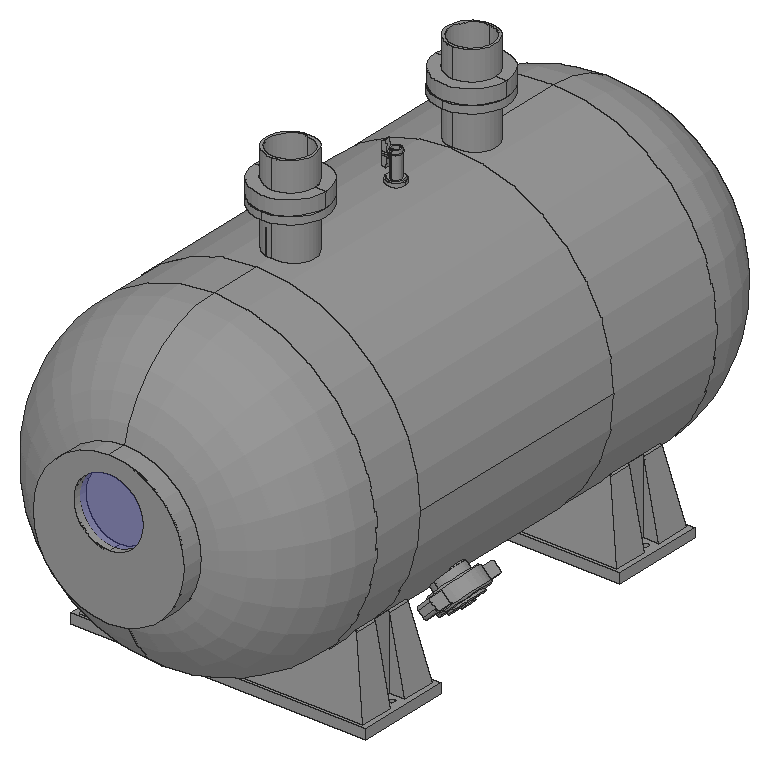
Revit family "SFHT Filter", category Mechanical Equipment, Revit 2019
Family settings
  Round Connector Dimension = Use Radius
  Classification = None
  Part Type = Normal
  OmniClass Number = 23.65.50.11
  OmniClass Title = Water Treatment
  Work Plane-Based = No
  Always vertical = Yes
  Cut with Voids When Loaded = No
  Shared = No
  Room Calculation Point = No
Parameters (values of type "SFHT3461")
  Tank Radius = A / 2  # 17 1/4"
  Tank = Fluidra Filter Body
  Model = "SFHT3461"
  Manufacturer = "Fluidra"  # constant formula
  I = 42"
  H = 23 3/4"
  Glass = Fluidra SFHT Glass
  G = 9 7/8"
  Fluidra_Weight (empty) = 535.00 lbf
  Fluidra_Six_Hour_Capacity = 97200.0 gal
  Fluidra_Sand_Required = 1400.00 lbf
  Fluidra_Number_of_Flange_Bolts = 8  # constant formula
  Fluidra_Model = "SFHT3461"
  Fluidra_Min_Backwash_Flow_Rate = 67.5 GPM
  Fluidra_Max_Working_Pressure = 50.00 psi  # constant formula
  Fluidra_Max_Flow_Rate = 270 GPM
  Fluidra_Max_Filtration_Rate = "20 GPM/ft²"  # constant formula
  Fluidra_Manufacturer = "Fluidra"  # constant formula
  Fluidra_Freeboard = if(A < 41", 7 3/8", 8 7/8")  # 7 3/8"
  Fluidra_Flow [instance] = 0 GPM
  Fluidra_Filtration_Area = 13.50 SF
  Fluidra_Description = "SFHT Commercial Horizontal Sand Filter"
  Fluidra_Approximate_Operating_Weight = 3388.00 lbf
  Flange Size = 4"
  Flange Ring = Jandy_Flange_Ring(4in) : Jandy_Flange_Ring(4in)
  Flange Radius2 = (Flange Size / 2) + 1/2"  # 2 1/2"
  Flange Radius1 [instance] = Flange Size / 2  # 2"
  Flange Gasket = Jandy_Flange_Gasket(4in) : Jandy_Flange_Gasket(4in)
  Flange Connector = Flange(4in) : Flange(4in)
  Flange Adapter = Jandy_Flange_Adapter(4in) : Jandy_Flange_Adapter(4in)
  Flange = Fluidra SFHT Flange
  F = 13 1/2"
  E = 23 1/2"
  Drain Cap2 = 13"
  Drain Cap1 = 28 5/16"
  Description = "SFHT Commercial Horizontal Sand Filter"
  D = 24"
  C = 71 1/2"
  Black = Fluidra SFHT Base
  Base = SFHT34 Base : SFHT34 Base
  B = 31 1/4"
  Assembly Code = "D2090400"
  A = 34 1/2"
Types (7): name | Tank Radius | Model | I | H | G | Fluidra_Weight (empty) | Fluidra_Six_Hour_Capacity | Fluidra_Sand_Required | Fluidra_Model | Fluidra_Min_Backwash_Flow_Rate | Fluidra_Max_Flow_Rate | Fluidra_Freeboard | Fluidra_Filtration_Area | Fluidra_Approximate_Operating_Weight | Flange Size | Flange Ring | Flange Radius2 | Flange Radius1 | Flange Gasket | Flange Connector | Flange Adapter | F | E | Drain Cap2 | Drain Cap1 | D | C | Base | B | A
  (no name) | 17 1/4" | "SFHT3461" | 42" | 23 3/4" | 9 7/8" | 535.00 lbf | 97200.0 gal | 1400.00 lbf | "SFHT3461" | 67.5 GPM | 270 GPM | 7 3/8" | 13.50 SF | 3388.00 lbf | 4" | Jandy_Flange_Ring(4in) : Jandy_Flange_Ring(4in) | 2 1/2" | 2" | Jandy_Flange_Gasket(4in) : Jandy_Flange_Gasket(4in) | Flange(4in) : Flange(4in) | Jandy_Flange_Adapter(4in) : Jandy_Flange_Adapter(4in) | 13 1/2" | 23 1/2" | 13" | 28 5/16" | 24" | 71 1/2" | SFHT34 Base : SFHT34 Base | 31 1/4" | 34 1/2"
  SFHT4272 | 20 29/32" | "SFHT4272" | 51" | 32 1/2" | 7 1/2" | 729.00 lbf | 151200.0 gal | 2700.00 lbf | "SFHT4272" | 105 GPM | 420 GPM | 8 7/8" | 21.00 SF | 6714.00 lbf | 6" | Jandy_Flange_Ring(6in) : Jandy_Flange_Ring | 3 1/2" | 3" | Jandy_Flange_Gasket(6in) : Jandy_Flange_Gasket(6in) | Flange(6in) : Flange(6in) | Jandy_Flange_Adapter(6in) : Jandy_Flange_Adapter | 19 3/4" | 38 1/4" | 14 1/2" | 24 5/16" | 36 3/8" | 95 5/16" | SFHT42 Base : SFHT42 Base | 31 1/2" | 41 13/16"
  SFHT3461 | 17 1/4" | "SFHT3461" | 42" | 23 3/4" | 9 7/8" | 535.00 lbf | 97200.0 gal | 1400.00 lbf | "SFHT3461" | 67.5 GPM | 270 GPM | 7 3/8" | 13.50 SF | 3388.00 lbf | 4" | Jandy_Flange_Ring(4in) : Jandy_Flange_Ring(4in) | 2 1/2" | 2" | Jandy_Flange_Gasket(4in) : Jandy_Flange_Gasket(4in) | Flange(4in) : Flange(4in) | Jandy_Flange_Adapter(4in) : Jandy_Flange_Adapter(4in) | 13 1/2" | 23 1/2" | 13" | 28 5/16" | 24" | 71 1/2" | SFHT34 Base : SFHT34 Base | 31 1/4" | 34 1/2"
  SFHT4296 | 21 7/32" | "SFHT4296" | 51" | 42 1/2" | 7 1/2" | 810.00 lbf | 187200.0 gal | 3200.00 lbf | "SFHT4296" | 130 GPM | 520 GPM | 8 7/8" | 26.00 SF | 8046.00 lbf | 6" | Jandy_Flange_Ring(6in) : Jandy_Flange_Ring | 3 1/2" | 3" | Jandy_Flange_Gasket(6in) : Jandy_Flange_Gasket(6in) | Flange(6in) : Flange(6in) | Jandy_Flange_Adapter(6in) : Jandy_Flange_Adapter | 21 1/4" | 30 7/8" | 14 1/2" | 34 5/16" | 49 7/8" | 101 7/8" | SFHT42 Base : SFHT42 Base | 31 1/2" | 42 7/16"
  SFHT3472 | 17 7/16" | "SFHT3472" | 41 7/8" | 29 1/8" | 9 7/8" | 606.00 lbf | 110160.0 gal | 1600.00 lbf | "SFHT3472" | 76.5 GPM | 306 GPM | 7 3/8" | 15.30 SF | 3805.00 lbf | 6" | Jandy_Flange_Ring(6in) : Jandy_Flange_Ring | 3 1/2" | 3" | Jandy_Flange_Gasket(6in) : Jandy_Flange_Gasket(6in) | Flange(6in) : Flange(6in) | Jandy_Flange_Adapter(6in) : Jandy_Flange_Adapter | 16 1/8" | 33 1/4" | 13" | 34 5/16" | 20 7/8" | 79 5/8" | SFHT34 Base : SFHT34 Base | 31 1/4" | 34 7/8"
  SFHT3484 | 17 7/16" | "SFHT3484" | 41 7/8" | 40 1/8" | 9 7/8" | 643.00 lbf | 138960.0 gal | 2000.00 lbf | "SFHT3484" | 96.5 GPM | 386 GPM | 7 3/8" | 19.30 SF | 4743.00 lbf | 6" | Jandy_Flange_Ring(6in) : Jandy_Flange_Ring | 3 1/2" | 3" | Jandy_Flange_Gasket(6in) : Jandy_Flange_Gasket(6in) | Flange(6in) : Flange(6in) | Jandy_Flange_Adapter(6in) : Jandy_Flange_Adapter | 20 1/2" | 28 3/4" | 13" | 34 5/16" | 47 1/2" | 96 1/2" | SFHT34 Base : SFHT34 Base | 31 1/4" | 34 7/8"
  SFHT4284 | 21 7/32" | "SFHT4284" | 51" | 40" | 7 1/2" | 781.00 lbf | 165600.0 gal | 3100.00 lbf | "SFHT4284" | 115 GPM | 460 GPM | 8 7/8" | 23.00 SF | 7643.00 lbf | 6" | Jandy_Flange_Ring(6in) : Jandy_Flange_Ring | 3 1/2" | 3" | Jandy_Flange_Gasket(6in) : Jandy_Flange_Gasket(6in) | Flange(6in) : Flange(6in) | Jandy_Flange_Adapter(6in) : Jandy_Flange_Adapter | 20 1/4" | 38 1/4" | 14 1/2" | 34 5/16" | 36 3/8" | 95 5/16" | SFHT42 Base : SFHT42 Base | 31 1/2" | 42 7/16"
Reference planes (in)
  plane 1 "Center (Front/Back)": y = 0
  plane 2: z = 0
  plane 3 "Center (Left/Right)": x = 0
  plane 4: y = 35.75
  plane 5: y = -35.75
  plane 6: z = 37.125
  plane 7: y = 22.25
  plane 8: y = 12.375
  plane 9: y = -11.375
  plane 10: y = -21.25
  plane 11: z = 19.875
  plane 12 "Outlet": y = 12.25
  plane 13 "Inlet": y = -11.75
  plane 14: y = 17.3125
  plane 15: y = -16.3125
  plane 16: z = 2.625
  plane 17: z = 42
  plane 18: x = -15.625
  plane 19: x = 15.625
Forms (in)
  Extrusion 1, solid, material "Fluidra SFHT Base" <- "Black", detail levels medium+fine
    sketch origin (0, -35.75, 98.72872) x (0, 0, 1) y (-1, 0, 0)
      loop
        circle (-78.85372, 0) r 8
      loop
        circle (-76.30803, 0) r 3.64896
    from 0 to -3.56727
  Extrusion 2, solid, material "Fluidra SFHT Base" <- "Black", detail levels coarse+medium
    sketch origin (0, -16.3125, 17) x (0, 0, 1) y (-1, 0, 0)
      loop
        line (-17, 15.625) -> (-17, -15.625) -> (-9.44666, -15.625) -> (-9.44666, 15.625) -> (-17, 15.625)
    from -4.9375 to 4.9375
  Extrusion 3, solid, material "Fluidra SFHT Base" <- "Black", detail levels coarse+medium
    sketch origin (0, -16.3125, 17.00135) x (0, 0, 1) y (-1, 0, 0)
      loop
        line (-17, 15.625) -> (-17, -15.625) -> (-9.44666, -15.625) -> (-9.44666, 15.625) -> (-17, 15.625)
    from -38.5625 to -28.6875
  Extrusion 4, solid, material "Fluidra Filter Body" <- "Tank", detail levels coarse
    sketch origin (0, 35.75, 98.72872) x (0, 0, 1) y (-1, 0, 0)
      loop
        circle (-78.85372, 0) r 17.25
    from 0 to 71.5
  Revolve 5, solid, material "Fluidra SFHT Base" <- "Black", detail levels medium+fine
    sketch origin (0, 14.85806, 0) x (0, 1, 0) y (0, 0, 1)
      loop
        line (20.59194, 19.875) -> (20.70855, 19.875) -> (20.70855, 22.63848) -> (20.89194, 22.63848) -> (20.89194, 23.125) -> (20.59194, 23.125) -> (20.59194, 19.875)
      axis (20.89194, 19.875) -> (20.59194, 19.875)
    angle from 0 to 360
  Extrusion 6, solid, material "Fluidra SFHT Glass" <- "Glass", detail levels medium+fine
    sketch origin (0, -32.18273, 98.72872) x (0, 0, -1) y (-1, 0, 0)
      loop
        circle (76.30803, 0) r 3.64896
    from -2.11002 to -2.8629
  Extrusion 7, solid, material "Fluidra SFHT Base" <- "Black", detail levels medium+fine
    sketch origin (0, -32.18273, 98.72872) x (0, 0, -1) y (-1, 0, 0)
      loop
        circle (76.30803, 0) r 3.64896
    from -1.86727 to -2.11002
  Extrusion 8, solid, material "Fluidra SFHT Flange" <- "Flange", detail levels coarse
    sketch origin (0, 12.25, 32.04481) x (0, 1, 0) y (-1, 0, 0)
      loop
        circle (0, 0) r 2.5
      loop
        circle (0, 0) r 2
    from 0 to 12
  Extrusion 9, solid, material "Fluidra SFHT Flange" <- "Flange", detail levels coarse
    sketch origin (0, -11.75, 32.04481) x (0, 1, 0) y (-1, 0, 0)
      loop
        circle (0, 0) r 2.5
      loop
        circle (0, 0) r 2
    from 0 to 12
Dimensions and locks (in)
  "C": plane 4 to plane 5
  equal spacing: plane 4, plane 1 "Center (Front/Back)", plane 5
  "F": plane 4 to plane 7
  "G": plane 7 to plane 8
  "H": plane 8 to plane 9
  "G": plane 9 to plane 10
  "E": plane 4 to plane 12 "Outlet"
  "D": plane 12 "Outlet" to plane 13 "Inlet"
  equal spacing: plane 7, plane 14, plane 8
  equal spacing: plane 9, plane 15, plane 10
  "A": plane 6 to plane 16
  equal spacing: plane 6, plane 11, plane 16
  "I": plane 17 to level
  equal spacing: plane 19, plane 3 "Center (Left/Right)", plane 18
  "B": plane 19 to plane 18
  "Drain Cap1": Extrusion 4 to nested 15
  locked: nested 16 to plane 12 "Outlet" at 10
  "Drain Cap2": nested 15 to plane 3 "Center (Left/Right)"
  "Tank Radius": radius of Extrusion 4 sketch curve
  "Flange Radius1": radius of Extrusion 8 sketch curve
  "Flange Radius2": radius of Extrusion 8 sketch curve
  "Flange Radius1": radius of Extrusion 9 sketch curve
  "Flange Radius2": radius of Extrusion 9 sketch curve
  aligned and locked: level to plane 2
  aligned and locked: nested 2 to plane 15
  aligned and locked: nested 1 to plane 14
  aligned and locked: plane 17 to nested 4
  aligned and locked: nested 6 to plane 17
  aligned and locked: plane 12 "Outlet" to nested 5
  aligned and locked: nested 4 to plane 12 "Outlet"
  aligned and locked: nested 11 to plane 13 "Inlet"
  aligned and locked: plane 13 "Inlet" to nested 12
  aligned and locked: plane 17 to nested 13
  aligned and locked: nested 11 to plane 17
  aligned and locked: plane 5 to Extrusion 1
  aligned and locked: Extrusion 2 to plane 18
  aligned and locked: plane 19 to Extrusion 2
  aligned and locked: plane 19 to Extrusion 3
  aligned and locked: Extrusion 3 to plane 18
  aligned and locked: plane 5 to Extrusion 4
  aligned and locked: nested 3 to Revolve 5
  aligned and locked: plane 4 to Revolve 5
  aligned and locked: Extrusion 3 to plane 7
  aligned and locked: plane 8 to Extrusion 3
  aligned and locked: nested 16 to plane 6
  aligned and locked: Extrusion 2 to plane 9
  aligned and locked: plane 10 to Extrusion 2
  aligned and locked: plane 12 "Outlet" to Extrusion 8 sketch curve
  aligned and locked: plane 13 "Inlet" to Extrusion 9 sketch curve
Automatic sketch dimensions
  Extrusion 1 sketch curve to plane 3 "Center (Left/Right)" = 0"  (x2)
  Extrusion 1 sketch curve to plane 11 = 0"
  plane 11 to Extrusion 1 sketch curve = 2.54568"
  Extrusion 2 sketch curve to level = 0"
  Extrusion 2 sketch curve to plane 18 = 0"
  Extrusion 2 sketch curve to plane 19 = 0"
  plane 16 to Extrusion 2 sketch curve = 4.92834"
  Extrusion 3 sketch curve to plane 19 = 0"
  Extrusion 3 sketch curve to plane 18 = 0"
  level to Extrusion 3 sketch curve = 0.00135"
  plane 16 to Extrusion 3 sketch curve = 4 119/128"
  Revolve 5 sketch curve to plane 11 = 0"  (x2)
  Revolve 5 sketch curve to plane 4 = 0"
  Revolve 5 sketch curve to Revolve 5 sketch curve = 0.18339"
  Revolve 5 sketch curve to Revolve 5 sketch curve = 0.11661"
  plane 11 to Revolve 5 sketch curve = 2.76348"
  Revolve 5 sketch curve to Revolve 5 sketch curve = 0.48652"
  plane 5 to Revolve 5 sketch curve = 90 55/256"
  Revolve 5 sketch curve to plane 4 = 65.53796"
  Extrusion 4 sketch curve to plane 3 "Center (Left/Right)" = 0"
  Extrusion 4 sketch curve to plane 11 = 0"
  Extrusion 8 sketch curve to Extrusion 8 sketch curve = 0"  (x2)
  Extrusion 8 sketch curve to nested 4 = 0"
  Extrusion 9 sketch curve to Extrusion 9 sketch curve = 0"  (x2)
  Extrusion 9 sketch curve to nested 4 = 0"
  radius of Extrusion 1 sketch curve = 8"
  radius of Extrusion 1 sketch curve = 3.64896"
  radius of Extrusion 6 sketch curve to Extrusion 1 = 0"
  radius of Extrusion 7 sketch curve to Extrusion 1 = 0"
Nested families (in)
  nested 1: "SFHT34 Base" at (0, 17.3125, 0), type <- "Base", type "SFHT34 Base", detail levels fine
  nested 2: "SFHT34 Base" at (0, -16.3125, 0), type <- "Base", type "SFHT34 Base", detail levels fine
  nested 3: "Tank" at (0, 0.7, 2.625), type "Tank", detail levels medium+fine
    with Total Length 71 1/2", Tank Length 69 1/2"
  nested 4: "Flange(4in)" at (0, 12.25, 32.04481), type <- "Flange Connector", type "Flange(4in)", detail levels medium+fine
  nested 5: "Jandy_Flange_Adapter(4in)" at (0, 12.25, 42.125) x (0, -1, 0) z (0, 0, 1), type <- "Flange Adapter", type "Jandy_Flange_Adapter(4in)", detail levels medium+fine
  nested 6: "Jandy_Flange_Gasket(4in)" at (0, 12.25, 42) x (0, -1, 0) z (0, 0, 1), type <- "Flange Gasket", type "Jandy_Flange_Gasket(4in)", detail levels medium+fine
  nested 7: "Jandy_Flange_Ring(4in)" at (0, 12.25, 42.125) x (0, -1, 0) z (0, 0, 1), type <- "Flange Ring", type "Jandy_Flange_Ring(4in)", detail levels medium+fine
  nested 8: "Jandy_Flange_Adapter(4in)" at (0, 65.25542, 10.08019) x (0, -1, 0) z (0, 0, 1), type <- "Flange Adapter", type "Jandy_Flange_Adapter(4in)", not visible, detail levels medium+fine
  nested 9: "Jandy_Flange_Gasket(4in)" at (0, 65.25542, 9.95519) x (0, -1, 0) z (0, 0, 1), type <- "Flange Gasket", type "Jandy_Flange_Gasket(4in)", not visible, detail levels medium+fine
  nested 10: "Jandy_Flange_Ring(4in)" at (0, 65.25542, 10.08019) x (0, -1, 0) z (0, 0, 1), type <- "Flange Ring", type "Jandy_Flange_Ring(4in)", not visible, detail levels medium+fine
  nested 11: "Flange(4in)" at (0, -11.75, 32.04481), type <- "Flange Connector", type "Flange(4in)", detail levels medium+fine
  nested 12: "Jandy_Flange_Adapter(4in)" at (0, -11.75, 42.125) x (0, 1, 0) z (0, 0, 1), type <- "Flange Adapter", type "Jandy_Flange_Adapter(4in)", detail levels medium+fine
  nested 13: "Jandy_Flange_Gasket(4in)" at (0, -11.75, 42) x (0, 1, 0) z (0, 0, 1), type <- "Flange Gasket", type "Jandy_Flange_Gasket(4in)", detail levels medium+fine
  nested 14: "Jandy_Flange_Ring(4in)" at (0, -11.75, 42.125) x (0, 1, 0) z (0, 0, 1), type <- "Flange Ring", type "Jandy_Flange_Ring(4in)", detail levels medium+fine
  nested 15: "Drain Cap" at (13, -7.4375, 8.03171) x (0, 1, 0) z (0, 0, 1), type "Drain Cap", detail levels fine
  nested 16: "Valve" at (0, 2.25, 37.12631) x (0, -1, 0) z (0, 0, 1), type "Valve", detail levels fine
  nested 17: "Flange(4in)" at (0, 12.25, 32.04481), type <- "Flange Connector", type "Flange(4in)", detail levels medium+fine
  nested 18: "Flange(4in)" at (0, 65.25542, 0), type <- "Flange Connector", type "Flange(4in)", not visible, detail levels medium+fine
  nested 19: "Flange(4in)" at (0, 65.25542, 0), type <- "Flange Connector", type "Flange(4in)", not visible, detail levels medium+fine
  nested 20: "Flange(4in)" at (0, -11.75, 32.04481), type <- "Flange Connector", type "Flange(4in)", detail levels medium+fine
Connectors (in)
  piping at (0, -11.75, 42), diameter 4, driven by "Flange Radius1", driven by "Fluidra_Flow"
    settings: on nested 11, index 1, connector inside diameter 24", connector length 0", flow factor 0, pipe flow 0 GPM, pressure drop 0.00 psi, fitting loss kfactor 0, connector angle 0.00°, fixture units 0, engagement length 0", angle of deflection 0.00°, flow configuration 1, flow direction 1, fitting loss method 0, system type 7, joint type 0, gender type 0, connector reference index -1, connector utility 0, adjustable connector no, is connector primary yes, connector description "Inlet"
  piping at (0, 12.25, 42), diameter 4, driven by "Flange Radius1", driven by "Fluidra_Flow"
    settings: on nested 4, index 3, connector inside diameter 24", connector length 0", flow factor 0, pipe flow 0 GPM, pressure drop 0.00 psi, fitting loss kfactor 0, connector angle 0.00°, fixture units 0, engagement length 0", angle of deflection 0.00°, flow configuration 1, flow direction 2, fitting loss method 0, system type 7, joint type 0, gender type 0, connector reference index -1, connector utility 0, adjustable connector no, is connector primary no, connector description ""
Definition of nested family "SFHT34 Base"
  Parameters (values of type "SFHT34 Base")
    Filter Radius = 17 1/4"
    Base Width = 9 7/8"
    Base Length = 31 1/4"
    Base = none
  Reference planes (in)
    plane 1 "Center (Front/Back)": y = 0
    plane 2: z = 0
    plane 3 "Center (Left/Right)": x = 0
    plane 4: x = -15.625
    plane 5: x = 15.625
    plane 6: y = 4.9375
    plane 7: y = -4.9375
  Forms (in)
    Extrusion 1, solid, material <- "Base"
      sketch origin (0, 0, 0) x (1, 0, 0) y (0, 0, 1)
        loop
          arc (-12.96046, 8.76675) -> (-13.21078, 8.84014) -> (-13.39017, 8.65076) r 0.25
          line (-13.39017, 8.65076) -> (-15.01639, 1) -> (15.01911, 1) -> (13.39289, 8.65076)
          arc (13.39289, 8.65076) -> (13.2135, 8.84014) -> (12.96319, 8.76675) r 0.25
          arc (12.96319, 8.76675) -> (0.00136, 3.02434) -> (-12.96046, 8.76675) r 17.5
      from -4.5625 to 4.5625
    Extrusion 2, solid, material <- "Base"
      sketch origin (0, 0, 0) x (1, 0, 0) y (0, 1, 0)
        loop
          line (-15.625, 4.9375) -> (-15.625, -4.9375) -> (15.625, -4.9375) -> (15.625, 4.9375) -> (-15.625, 4.9375)
        loop
          circle (-14.4002, 0) r 0.3125
        loop
          circle (14.4002, 0) r 0.3125
      from 0 to 1
    Extrusion 3, void
      sketch origin (0, 1.1875, 0) x (0, 1, 0) y (0, 0, 1)
        loop
          line (3.375, 9) -> (2.09387, 9) -> (3.375, 1) -> (3.375, 9)
      from -15.75 to 15.75
    Extrusion 4, void
      sketch origin (0, -1.1875, 0) x (0, -1, 0) y (0, 0, -1)
        loop
          line (3.375, -9) -> (3.375, -1) -> (2.09387, -9) -> (3.375, -9)
      from -15.75 to 15.75
    Extrusion 5, void
      sketch origin (0, 1.25, 1) x (0, 1, 0) y (1, 0, 0)
        loop
          line (-0.25, -15.41244) -> (-0.25, -13.25) -> (-2.25, -13.25) -> (-2.25, -15.41244) -> (-0.25, -15.41244)
      from 0 to -7.8508
    Extrusion 6, void
      sketch origin (0, -1.25, 1) x (0, -1, 0) y (-1, 0, 0)
        loop
          line (-2.25, -15.41244) -> (-0.25, -15.41244) -> (-0.25, -13.25) -> (-2.25, -13.25) -> (-2.25, -15.41244)
      from 0 to -7.8508
  Cuts and joins
    Extrusion 3, Extrusion 4, Extrusion 5, Extrusion 6 cuts Extrusion 1
    Extrusion 5, Extrusion 6 cuts Extrusion 2
  Dimensions and locks (in)
    "Base Length": plane 5 to plane 4
    "Base Width": plane 6 to plane 7
    equal spacing: plane 6, plane 1 "Center (Front/Back)", plane 7
    equal spacing: plane 5, plane 3 "Center (Left/Right)", plane 4
    radius of Extrusion 1 sketch curve = 17 1/2"
    aligned and locked: level to plane 2
    aligned and locked: cut or joined group of Extrusion 2, Extrusion 5, Extrusion 6 to plane 4
    aligned and locked: plane 5 to cut or joined group of Extrusion 2, Extrusion 5, Extrusion 6
    aligned and locked: plane 7 to cut or joined group of Extrusion 2, Extrusion 5, Extrusion 6
    aligned and locked: cut or joined group of Extrusion 2, Extrusion 5, Extrusion 6 to plane 6
  Automatic sketch dimensions
    Extrusion 2 sketch curve to plane 4 = 0"
    plane 1 "Center (Front/Back)" to Extrusion 2 sketch curve = 0"  (x2)
    Extrusion 2 sketch curve to plane 5 = 0"
    plane 4 to Extrusion 2 sketch curve = 1.2248"
    Extrusion 2 sketch curve to plane 5 = 1.2248"
    plane 1 "Center (Front/Back)" to Extrusion 2 sketch curve = 4 15/16"
    Extrusion 2 sketch curve to plane 1 "Center (Front/Back)" = 4 15/16"
    Extrusion 3 sketch curve to plane 1 "Center (Front/Back)" = 3.28137"
    level to Extrusion 3 sketch curve = 1"
    Extrusion 3 sketch curve to plane 1 "Center (Front/Back)" = 4 9/16"
    Extrusion 3 sketch curve to Extrusion 3 sketch curve = 8"
    Extrusion 4 sketch curve to plane 1 "Center (Front/Back)" = 3.28137"
    Extrusion 4 sketch curve to level = 1"
    Extrusion 4 sketch curve to plane 1 "Center (Front/Back)" = 4 9/16"
    Extrusion 4 sketch curve to Extrusion 4 sketch curve = 8"
    Extrusion 5 sketch curve to Extrusion 5 sketch curve = 2"
    Extrusion 5 sketch curve to Extrusion 5 sketch curve = 2.16244"
    Extrusion 6 sketch curve to Extrusion 6 sketch curve = 2"
    Extrusion 6 sketch curve to Extrusion 6 sketch curve = 2.16244"
    Extrusion 5 sketch curve to Extrusion 2 = 0.21256"
    Extrusion 5 sketch curve to Extrusion 2 = 3 15/16"
    Extrusion 6 sketch curve to Extrusion 2 = 3 15/16"
    Extrusion 6 sketch curve to Extrusion 2 = 2 3/8"
    plane 4 to Extrusion 1 sketch curve = 0.60861"
    plane 4 to Extrusion 1 sketch curve = 2.23483"
    Extrusion 1 sketch curve to Extrusion 1 sketch curve = 0.24454"  (x2)
    plane 3 "Center (Left/Right)" to Extrusion 1 sketch curve = 0.00136"
    Extrusion 1 sketch curve to plane 5 = 2.47665"
    Extrusion 1 sketch curve to plane 5 = 0.60589"
    level to Extrusion 1 sketch curve = 1"
    Extrusion 1 sketch curve to Extrusion 1 sketch curve = 7.59878"  (x2)
    Extrusion 1 sketch curve to Extrusion 1 sketch curve = 0.05198"  (x2)
    Extrusion 1 sketch curve to Extrusion 1 sketch curve = 11.92556"
    radius of Extrusion 2 sketch curve = 5/16"  (x2)
Definition of nested family "Tank"
  Parameters (values of type "Tank")
    Total Length = 55"
    Tank Radius = Tank Diameter / 2  # 17 1/4"
    Tank Length = Total Length - 2"  # 53"
    Tank Diameter = 34 1/2"
    Material = none
  Reference planes (in)
    plane 1 "Center (Front/Back)": y = 0
    plane 2: z = 0
    plane 3 "Center (Left/Right)": x = 0
    plane 4: y = 26.5
    plane 5: y = -26.5
    plane 6: z = 17.25
    plane 7: z = 34.5
    plane 8: x = -17.25
    plane 9: x = 17.25
  Forms (in)
    Revolve 1, solid, material <- "Material"
      sketch origin (0, 0, 0) x (0, 1, 0) y (0, 0, 1)
        loop
          line (26.5, 12.25) -> (26.5, 17.25) -> (8.84375, 17.25) -> (8.84375, 0) -> (14.25, 0)
          arc (14.25, 0) -> (22.91206, 3.58794) -> (26.5, 12.25) r 12.25
        loop
          arc (-26.5, 12.25) -> (-22.91206, 3.58794) -> (-14.25, 0) r 12.25
          line (-14.25, 0) -> (-8.59375, 0) -> (-8.59375, 17.25) -> (-26.5, 17.25) -> (-26.5, 12.25)
        axis (26.5, 17.25) -> (-26.5, 17.25)
      angle from 0 to 360
    Extrusion 2, solid, material <- "Material"
      sketch origin (0, 0, 0) x (1, 0, 0) y (0, 0, 1)
        loop
          circle (0, 17.25) r 17.25
      from -8.84375 to 8.59375
  Cuts and joins
    joined: Revolve 1, Extrusion 2
  Dimensions and locks (in)
    "Tank Diameter": plane 7 to level
    equal spacing: plane 7, plane 6, level
    "Tank Length": plane 4 to plane 5
    equal spacing: plane 4, plane 1 "Center (Front/Back)", plane 5
    "Tank Diameter": plane 8 to plane 9
    equal spacing: plane 8, plane 3 "Center (Left/Right)", plane 9
    "Tank Radius": radius of Extrusion 2 sketch curve
    aligned and locked: level to plane 2
    aligned and locked: Revolve 1 sketch curve to plane 6  (x2)
    aligned and locked: plane 6 to Revolve 1 sketch curve
    aligned and locked: Extrusion 2 to Revolve 1
    aligned and locked: Revolve 1 to Extrusion 2
  Automatic sketch dimensions
    Revolve 1 sketch curve to plane 5 = 0"
    Revolve 1 sketch curve to level = 0"  (x2)
    Revolve 1 sketch curve to plane 4 = 0"
    Revolve 1 sketch curve to plane 6 = 5"  (x2)
    Revolve 1 sketch curve to Revolve 1 sketch curve = 5 21/32"
    Revolve 1 sketch curve to Revolve 1 sketch curve = 17 21/32"
    plane 5 to Revolve 1 sketch curve = 21 11/16"
    Revolve 1 sketch curve to plane 4 = 19"
    Extrusion 2 sketch curve to plane 3 "Center (Left/Right)" = 0"
    Extrusion 2 sketch curve to plane 6 = 0"
Definition of nested family "Flange(4in)"
  Parameters (values of type "Flange(4in)")
    Material = none
  Reference planes (in)
    plane 1 "Center (Front/Back)": y = 0
    plane 2: z = 0
    plane 3 "Center (Left/Right)": x = 0
  Forms (in)
    Revolve 1, solid, material <- "Material"
      sketch origin (0, 0, 5.20519) x (0, 1, 0) y (0, 0, 1)
        loop
          line (2, -5.20519) -> (2.5, -5.20519) -> (2.5, 4) -> (3.75, 4) -> (3.75, 4.75) -> (2, 4.75) -> (2, -5.20519)
        axis (0, 4.75) -> (0, -5.20519)
      angle from 0 to 360
  Dimensions and locks (in)
    aligned and locked: level to plane 2
Definition of nested family "Jandy_Flange_Adapter(4in)"
  Parameters (values of type "Jandy_Flange_Adapter(4in)")
    Material = none
  Reference planes (in)
    plane 1 "Center (Front/Back)": y = 0
    plane 2: z = 0
    plane 3 "Center (Left/Right)": x = 0
  Forms (in)
    Extrusion 1, solid, material <- "Material"
      sketch origin (0, 0, 0) x (1, 0, 0) y (0, 1, 0)
        loop
          circle (0, 0) r 2.75
        loop
          circle (0, 0) r 2
      from 0 to 0.5
    Extrusion 2, solid, material <- "Material"
      sketch origin (0, 0, 0.5) x (1, 0, 0) y (0, 1, 0)
        loop
          circle (0, 0) r 2.25
        loop
          circle (0, 0) r 2.5
      from 0 to 4
  Dimensions and locks (in)
    aligned and locked: plane 2 to level
Definition of nested family "Jandy_Flange_Gasket(4in)"
  Parameters (values of type "Jandy_Flange_Gasket(4in)")
    Material = none
  Reference planes (in)
    plane 1 "Center (Front/Back)": y = 0
    plane 2: z = 0
    plane 3 "Center (Left/Right)": x = 0
  Forms (in)
    Extrusion 1, solid, material <- "Material"
      sketch origin (0, 0, 0) x (1, 0, 0) y (0, 1, 0)
        loop
          circle (0, 0) r 2.75
        loop
          circle (0, 0) r 2
      from 0 to 0.125
  Dimensions and locks (in)
    aligned and locked: plane 2 to level
Definition of nested family "Jandy_Flange_Ring(4in)"
  Parameters (values of type "Jandy_Flange_Ring(4in)")
    Material = none
  Reference planes (in)
    plane 1 "Center (Front/Back)": y = 0
    plane 2: z = 0
    plane 3 "Center (Left/Right)": x = 0
    plane 4: y = 2.5625
    plane 5: y = 2.75
  Forms (in)
    Revolve 1, solid, material <- "Material"
      sketch origin (0, 0, 0) x (0, 1, 0) y (0, 0, 1)
        loop
          line (2.75, 0) -> (3.75, 0) -> (3.75, 1.5) -> (2.5625, 1.5) -> (2.5625, 0.5) -> (2.75, 0.5) -> (2.75, 0)
        axis (0, 1.5) -> (0, 0)
      angle from 0 to 360
  Dimensions and locks (in)
    plane 5 to Revolve 1 sketch curve = 2 3/4"
    plane 4 to plane 1 "Center (Front/Back)" = 2 9/16"
    aligned and locked: plane 2 to level
    aligned and locked: Revolve 1 sketch curve to plane 5
    aligned and locked: Revolve 1 sketch curve to plane 4
Definition of nested family "Drain Cap"
  Parameters (values of type "Drain Cap")
    Material = none
  Reference planes (in)
    plane 1 "Center (Front/Back)": y = 0
    plane 2: z = 0
    plane 3 "Center (Left/Right)": x = 0
  Forms (in)
    Revolve 1, solid, material <- "Material"
      sketch origin (0, -0.31485, 0.76012) x (0, 0.707107, 0.707107) y (1, 0, 0)
        loop
          line (-0.62961, 1.83986) -> (-0.62961, 2.5) -> (-0.80638, 2.67678) -> (-2.37961, 2.67678) -> (-2.55638, 2.5) -> (-2.55638, 1.83986) -> (-2.80638, 1.83986) -> (-2.80638, 0) -> (0.85645, 0) -> (0.85645, 1.83986) -> (-0.62961, 1.83986)
        axis (0.85645, 0) -> (-2.80638, 0)
      angle from 0 to 360
    Extrusion 2, solid, material <- "Material"
      sketch origin (0, -0.31485, 0.76012) x (0, 0.707107, 0.707107) y (1, 0, 0)
        loop
          line (-0.92232, 2.33287) -> (-0.92232, 3.9375)
          arc (-0.92232, 3.9375) -> (-1.01385, 4.15847) -> (-1.23482, 4.25) r 0.3125
          line (-1.23482, 4.25) -> (-1.93585, 4.25)
          arc (-1.93585, 4.25) -> (-2.15682, 4.15847) -> (-2.24835, 3.9375) r 0.3125
          line (-2.24835, 3.9375) -> (-2.24835, 2.33287) -> (-0.92232, 2.33287)
      from -0.90625 to 0.90625
    Extrusion 3, solid, material <- "Material"
      sketch origin (0, -0.31485, 0.76012) x (0, 0.707107, 0.707107) y (1, 0, 0)
        loop
          line (-0.92232, -2.33287) -> (-2.24835, -2.33287) -> (-2.24835, -3.9375)
          arc (-2.24835, -3.9375) -> (-2.15682, -4.15847) -> (-1.93585, -4.25) r 0.3125
          line (-1.93585, -4.25) -> (-1.23482, -4.25)
          arc (-1.23482, -4.25) -> (-1.01385, -4.15847) -> (-0.92232, -3.9375) r 0.3125
          line (-0.92232, -3.9375) -> (-0.92232, -2.33287)
      from -0.90625 to 0.90625
    Extrusion 4, solid, material <- "Material"
      sketch origin (0, -2.29926, -1.2243) x (1, 0, 0) y (0, -0.707107, 0.707107)
        loop
          line (-0.58833, -0.34098) -> (0.00114, -0.68) -> (0.58946, -0.33902) -> (0.58833, 0.34098) -> (-0.00114, 0.68) -> (-0.58946, 0.33902) -> (-0.58833, -0.34098)
      from 0 to 0.2
  Dimensions and locks (in)
    aligned and locked: plane 2 to level
Definition of nested family "Valve"
  Reference planes (in)
    plane 1 "Center (Front/Back)": y = 0
    plane 2: z = 0
    plane 3 "Center (Left/Right)": x = 0
    plane 4: z = 3.20703
    plane 5: x = -0.64453
  Forms (in)
    Extrusion 1, solid
      sketch origin (3.4037, 1.58789, 0.20703) x (0, -1, 0) y (1, 0, 0)
        loop
          circle (1.58792, -3.4037) r 1
      from -0.20834 to 0.12581
    Extrusion 2, solid
      sketch origin (3.4037, 1.58789, 0.33284) x (0, -1, 0) y (1, 0, 0)
        loop
          circle (1.58789, -3.4037) r 0.85938
      from 0 to 0.12109
    Revolve 3, solid
      sketch origin (0, 0, 0.20703) x (1, 0, 0) y (0, 0, 1)
        loop
          line (-0.52243, 2.56217) -> (-0.52243, 0.2469) -> (-0.39232, 0.2469) -> (-0.39232, 3) -> (-0.52243, 3) -> (-0.52243, 2.68507) -> (-0.64533, 2.68507) -> (-0.52243, 2.56217)
        axis (0, 3) -> (0, 0.2469)
      angle from 0 to 360
    Extrusion 4, solid
      sketch origin (0, -0.52142, 2.53014) x (0, 0, 1) y (-1, 0, 0)
        loop
          circle (-0.14798, 0) r 0.30078
      from 0 to 0.75
    Extrusion 5, solid
      sketch origin (0, 0, 0.20703) x (0, 1, 0) y (0, 0, 1)
        loop
          line (-1.27142, 1.02434) -> (-0.92447, 0.86256) -> (-0.72592, 2.17512) -> (-0.92447, 3.48769) -> (-1.27142, 3.32591) -> (-1.27142, 1.02434)
      from -0.23047 to 0.23047
  Dimensions and locks (in)
    aligned and locked: plane 2 to level
